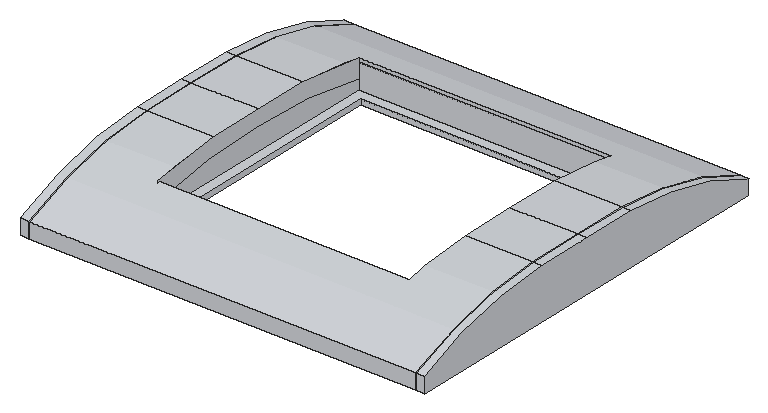
Revit family "Gira_0211726", category Electrical Fixtures, host Face, Revit 2017
Family settings
  Host = Face
  Maintain Annotation Orientation = No
  Round Connector Dimension = Use Diameter
  Part Type = Normal
  Cut with Voids When Loaded = No
  Shared = No
  Room Calculation Point = No
Parameters (values of type "Cov.fr. 1-g interm.fr. CAl Gira Event Clear white")
  URL = "http://katalog.gira.de/en/datenblatt.html?artikelnr=0211726"
  Transparent = "No"
  Name = "Cov.fr. 1-g interm.fr. CAl Gira Event Clear white"
  Manufacturer URL = "https://www.gira.de/"
  Manufacturer = "Gira"
  Label space/information surface = "No"
  Keynote = ""
  HeinzeBIM = "https://bimportal.heinze.de/bim/cov-fr-1-g-interm-fr-cal-gira-event-clear-white/e2f1f1cba357852ec76cde7979d7bc786ecae6c0"
  HAN = "0211726"
  GTIN = "4010337068709"
  Description = "Cov.fr.1g i.fr.CAl EvCl WH,Gira Event Clear cover frame,white with colour aluminium intermediate frame,1-gang,Features:,- Shatter-proof."
  Default Elevation = 1219.2 mm
  Data sheet (1) = "https://katalog.gira.de/en/download.html?artikelnr=0211726"
  Category = "Cover frame for domestic switching devices"
  BIM (1) = "https://media.stage.bim.site/public/gira/36a6b08/Event_Rahmen_1fach.rfa"
  Available = "No"
Reference planes
  plane 1 "Center (Front/Back)": y = 0
  plane 2: z = 0
  plane 3 "Center (Left/Right)": x = 0
Forms (mm)
  Extrusion 1, solid, detail levels fine
    sketch origin (0, 0, 1.55) x (0, 1, 0) y (0, 0, 1)
      loop
        arc (12.445, 9.683) -> (6.223, 9.833) -> (0, 9.85) r 291.636
        arc (0, 9.85) -> (-6.223, 9.833) -> (-12.445, 9.683) r 291.636
        arc (-12.445, 9.683) -> (-29.14, 7.482) -> (-45, 1.823) r 79.728
        line (-45, 1.823) -> (-45, -1.55) -> (-41.777, -1.55) -> (-41.777, -0.55)
        arc (-41.777, -0.55) -> (-21.205, 4.846) -> (0, 6.467) r 118.15
        arc (0, 6.467) -> (21.205, 4.846) -> (41.777, -0.55) r 118.15
        line (41.777, -0.55) -> (41.777, -1.55) -> (45, -1.55) -> (45, 1.823)
        arc (45, 1.823) -> (29.14, 7.482) -> (12.445, 9.683) r 79.728
    from -43 to 43
  Extrusion 2, void, detail levels fine
    sketch origin (0, 0, 0) x (1, 0, 0) y (0, 1, 0)
      loop
        line (-28, -28) -> (28, -28) -> (28, 28) -> (-28, 28) -> (-28, -28)
    from 2.85 to 12
  Extrusion 3, solid, detail levels coarse
    sketch origin (0, 0, 0) x (1, 0, 0) y (0, 1, 0)
      loop
        line (-45, 45) -> (-45, -45) -> (45, -45) -> (45, 45) -> (-45, 45)
    from 0 to 11.4
  Extrusion 4, solid, detail levels medium
    sketch origin (0, 0, 1.55) x (0, 1, 0) y (0, 0, 1)
      loop
        arc (12.445, 9.683) -> (6.223, 9.833) -> (0, 9.85) r 291.636
        arc (0, 9.85) -> (-6.223, 9.833) -> (-12.445, 9.683) r 291.636
        arc (-12.445, 9.683) -> (-29.14, 7.482) -> (-45, 1.823) r 79.728
        line (-45, 1.823) -> (-45, -1.55) -> (45, -1.55) -> (45, 1.823)
        arc (45, 1.823) -> (29.14, 7.482) -> (12.445, 9.683) r 79.728
    from -45 to 45
  Extrusion 5, solid, detail levels fine
    sketch origin (0, 0, 0) x (0, 1, 0) y (0, 0, 1)
      loop
        arc (45, 3.373) -> (29.14, 9.032) -> (12.445, 11.233) r 79.728
        arc (12.445, 11.233) -> (6.223, 11.383) -> (0, 11.4) r 291.636
        arc (0, 11.4) -> (-6.223, 11.383) -> (-12.445, 11.233) r 291.636
        arc (-12.445, 11.233) -> (-29.14, 9.032) -> (-45, 3.373) r 79.728
        line (-45, 3.373) -> (-45, 0) -> (45, 0) -> (45, 3.373)
    from 43 to 45
  Extrusion 6, solid, detail levels fine
    sketch origin (0, 0, 0) x (0, 1, 0) y (0, 0, -1)
      loop
        line (45, -3.373) -> (45, 0) -> (-45, 0) -> (-45, -3.373)
        arc (-45, -3.373) -> (-29.14, -9.032) -> (-12.445, -11.233) r 79.728
        arc (-12.445, -11.233) -> (-6.223, -11.383) -> (0, -11.4) r 291.636
        arc (0, -11.4) -> (6.223, -11.383) -> (12.445, -11.233) r 291.636
        arc (12.445, -11.233) -> (29.14, -9.032) -> (45, -3.373) r 79.728
    from 43 to 45
  Extrusion 7, solid, detail levels fine
    sketch origin (0, 0, 0) x (1, 0, 0) y (0, 1, 0)
      loop
        line (-25.7, 25.7) -> (-25.7, -25.7) -> (25.7, -25.7) -> (25.7, 25.7) -> (-25.7, 25.7)
      loop
        line (-29.495, 27.895) -> (-29.495, -27.895)
        spline (-29.495, -27.895) -> (-29.486, -28.025) -> (-29.461, -28.154) -> (-29.419, -28.278) -> (-29.361, -28.395) -> (-29.288, -28.504) -> (-29.202, -28.602) -> (-29.104, -28.688) -> (-28.995, -28.761) -> (-28.878, -28.819) -> (-28.754, -28.861) -> (-28.625, -28.886) -> (-28.495, -28.895)
        line (-28.495, -28.895) -> (28.495, -28.895)
        spline (28.495, -28.895) -> (28.625, -28.886) -> (28.754, -28.861) -> (28.878, -28.819) -> (28.995, -28.761) -> (29.104, -28.688) -> (29.202, -28.602) -> (29.288, -28.504) -> (29.361, -28.395) -> (29.419, -28.278) -> (29.461, -28.154) -> (29.486, -28.025) -> (29.495, -27.895)
        line (29.495, -27.895) -> (29.495, 27.895)
        spline (29.495, 27.895) -> (29.486, 28.025) -> (29.461, 28.154) -> (29.419, 28.278) -> (29.361, 28.395) -> (29.288, 28.504) -> (29.202, 28.602) -> (29.104, 28.688) -> (28.995, 28.761) -> (28.878, 28.819) -> (28.754, 28.861) -> (28.625, 28.886) -> (28.495, 28.895)
        line (28.495, 28.895) -> (-28.495, 28.895)
        spline (-28.495, 28.895) -> (-28.625, 28.886) -> (-28.754, 28.861) -> (-28.878, 28.819) -> (-28.995, 28.761) -> (-29.104, 28.688) -> (-29.202, 28.602) -> (-29.288, 28.504) -> (-29.361, 28.395) -> (-29.419, 28.278) -> (-29.461, 28.154) -> (-29.486, 28.025) -> (-29.495, 27.895)
    from 1.673 to 8.5
Cuts and joins
  Extrusion 2 cuts Extrusion 1
  Extrusion 2 cuts Extrusion 7
Dimensions and locks
  aligned and locked: plane 2 to host face
  aligned and locked: level to host face
